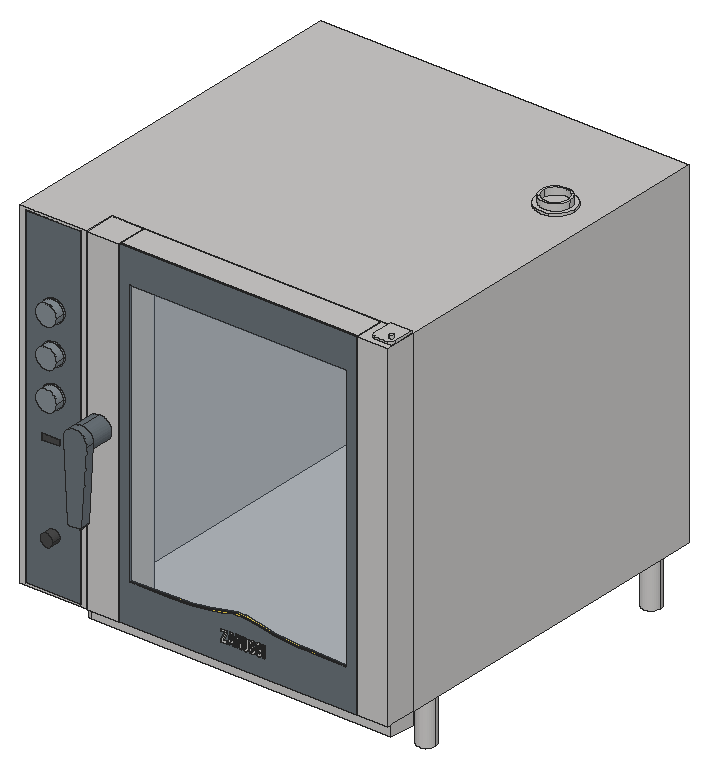
Revit family "QF_ZANUSSI_240453_ZFCE11SSDS", category Specialty Equipment, Revit 2023 (continued)
Definition of nested family "ZAN_DOOR_CROSSWISE_H820"
  Automatic sketch dimensions
    plane 9 to Extrusion 14 sketch curve = 57.166 mm
    plane 16 to Extrusion 14 sketch curve = 93.896 mm
    Extrusion 14 sketch curve to Extrusion 14 sketch curve = 0.343 mm
    Extrusion 14 sketch curve to Extrusion 14 sketch curve = 0.346 mm
    Extrusion 14 sketch curve to Extrusion 14 sketch curve = 1.209 mm
    Extrusion 14 sketch curve to Extrusion 14 sketch curve = 5.816 mm  (x2)
    Extrusion 14 sketch curve to Extrusion 14 sketch curve = 5.779 mm
    Extrusion 14 sketch curve to Extrusion 14 sketch curve = 5.783 mm
    Extrusion 15 sketch curve to Extrusion 15 sketch curve = 0 mm  (x13)
    Extrusion 15 sketch curve to plane 9 = 0 mm
    plane 13 to Extrusion 15 sketch curve = 0 mm
    Extrusion 15 sketch curve to plane 4 "Top" = 59.547 mm  (x2)
    plane 8 to Extrusion 15 sketch curve = 0.808 mm  (x2)
    plane 17 to Extrusion 15 sketch curve = 113.011 mm  (x2)
    Extrusion 15 sketch curve to Extrusion 15 sketch curve = 0.173 mm  (x2)
    Extrusion 15 sketch curve to Extrusion 15 sketch curve = 19.857 mm  (x2)
    Extrusion 15 sketch curve to Extrusion 15 sketch curve = 19.97 mm  (x2)
    plane 16 to Extrusion 15 sketch curve = 75.313 mm  (x2)
    Extrusion 15 sketch curve to Extrusion 15 sketch curve = 0.426 mm  (x2)
    Extrusion 15 sketch curve to Extrusion 15 sketch curve = 2.497 mm  (x2)
    Extrusion 15 sketch curve to Extrusion 15 sketch curve = 2.422 mm  (x2)
    plane 16 to Extrusion 15 sketch curve = 72.277 mm  (x2)
    plane 5 "Feet" to Extrusion 15 sketch curve = 14.106 mm
    Extrusion 15 sketch curve to Extrusion 15 sketch curve = 14.485 mm
    Extrusion 15 sketch curve to Extrusion 15 sketch curve = 15.571 mm
    Extrusion 15 sketch curve to level = 90.354 mm
    plane 13 to Extrusion 15 sketch curve = 172.943 mm
    Extrusion 15 sketch curve to Extrusion 15 sketch curve = 250.632 mm
    plane 13 to Extrusion 15 sketch curve = 38.728 mm
    plane 13 to Extrusion 15 sketch curve = 66.611 mm
    Extrusion 15 sketch curve to Extrusion 15 sketch curve = 79.596 mm
    Extrusion 15 sketch curve to Extrusion 15 sketch curve = 14.39 mm
    Extrusion 15 sketch curve to Extrusion 15 sketch curve = 0.048 mm  (x2)
    plane 13 to Extrusion 15 sketch curve = 105.804 mm
    Extrusion 15 sketch curve to Extrusion 15 sketch curve = 1.078 mm  (x2)
    Extrusion 15 sketch curve to Extrusion 15 sketch curve = 1.817 mm
    Extrusion 15 sketch curve to Extrusion 15 sketch curve = 0.955 mm  (x2)
    Extrusion 15 sketch curve to Extrusion 15 sketch curve = 20.088 mm
    Extrusion 15 sketch curve to Extrusion 15 sketch curve = 0.061 mm  (x2)
    plane 13 to Extrusion 15 sketch curve = 221.698 mm
    Extrusion 15 sketch curve to Extrusion 15 sketch curve = 28.998 mm
    Extrusion 15 sketch curve to Extrusion 15 sketch curve = 2.06 mm
    Extrusion 15 sketch curve to Extrusion 15 sketch curve = 0.191 mm
    Extrusion 15 sketch curve to Extrusion 15 sketch curve = 0.669 mm
    Extrusion 15 sketch curve to Extrusion 15 sketch curve = 1.051 mm
    Extrusion 15 sketch curve to Extrusion 15 sketch curve = 5.17 mm
    Extrusion 15 sketch curve to Extrusion 15 sketch curve = 63.165 mm
    Extrusion 15 sketch curve to Extrusion 15 sketch curve = 160.676 mm
    plane 9 to Extrusion 15 sketch curve = 132.574 mm
    plane 9 to Extrusion 15 sketch curve = 126.275 mm
    Extrusion 15 sketch curve to Extrusion 15 sketch curve = 0.216 mm
    Extrusion 15 sketch curve to Extrusion 15 sketch curve = 20.101 mm
    Extrusion 15 sketch curve to Extrusion 15 sketch curve = 14.439 mm
    plane 9 to Extrusion 15 sketch curve = 85.049 mm
    plane 9 to Extrusion 15 sketch curve = 57.166 mm
    plane 16 to Extrusion 15 sketch curve = 93.896 mm
    Extrusion 15 sketch curve to Extrusion 15 sketch curve = 0.343 mm
    Extrusion 15 sketch curve to Extrusion 15 sketch curve = 0.346 mm
    Extrusion 15 sketch curve to Extrusion 15 sketch curve = 1.209 mm
    Extrusion 15 sketch curve to Extrusion 15 sketch curve = 2.747 mm
    Extrusion 15 sketch curve to Extrusion 15 sketch curve = 2.745 mm  (x2)
    Extrusion 15 sketch curve to Extrusion 15 sketch curve = 2.666 mm
    Extrusion 15 sketch curve to Extrusion 15 sketch curve = 2.667 mm
    Extrusion 15 sketch curve to Extrusion 15 sketch curve = 5.816 mm  (x2)
    Extrusion 15 sketch curve to Extrusion 15 sketch curve = 2.231 mm
    Extrusion 15 sketch curve to Extrusion 15 sketch curve = 5.779 mm
    Extrusion 15 sketch curve to Extrusion 15 sketch curve = 5.783 mm
    Extrusion 15 sketch curve to Extrusion 15 sketch curve = 2.602 mm
    Extrusion 15 sketch curve to Extrusion 15 sketch curve = 2.603 mm
    Extrusion 2 sketch curve to plane 4 "Top" = 0 mm
    Extrusion 2 sketch curve to plane 8 = 0 mm
    Extrusion 2 sketch curve to plane 9 = 0 mm
    Extrusion 2 sketch curve to plane 5 "Feet" = 0 mm
    plane 8 to Extrusion 2 sketch curve = 0.808 mm  (x2)
    plane 17 to Extrusion 2 sketch curve = 113.011 mm  (x2)
    Extrusion 2 sketch curve to Extrusion 2 sketch curve = 40 mm  (x2)
    plane 16 to Extrusion 2 sketch curve = 72.816 mm
    Extrusion 2 sketch curve to Extrusion 2 sketch curve = 0.351 mm  (x2)
    plane 16 to Extrusion 2 sketch curve = 72.277 mm
    Extrusion 2 sketch curve to Extrusion 2 sketch curve = 0.187 mm  (x2)
    plane 5 "Feet" to Extrusion 2 sketch curve = 51.274 mm
    Extrusion 2 sketch curve to Extrusion 2 sketch curve = 0 mm  (x5)
    Extrusion 2 sketch curve to Extrusion 2 sketch curve = 15.473 mm
    plane 9 to Extrusion 2 sketch curve = 191.381 mm
    Extrusion 2 sketch curve to level = 340.986 mm
    plane 15 to Extrusion 2 sketch curve = 0 mm
    plane 13 to Extrusion 2 sketch curve = 66.611 mm
    plane 13 to Extrusion 2 sketch curve = 79.596 mm
    Extrusion 2 sketch curve to Extrusion 2 sketch curve = 14.439 mm  (x2)
    plane 13 to Extrusion 2 sketch curve = 107.621 mm
    Extrusion 2 sketch curve to Extrusion 2 sketch curve = 0.216 mm  (x2)
    Extrusion 2 sketch curve to Extrusion 2 sketch curve = 20.101 mm  (x2)
    Extrusion 2 sketch curve to Extrusion 2 sketch curve = 160.676 mm
    Extrusion 2 sketch curve to Extrusion 2 sketch curve = 137.516 mm
    Extrusion 2 sketch curve to Extrusion 2 sketch curve = 1.285 mm
    Extrusion 2 sketch curve to Extrusion 2 sketch curve = 0.691 mm
    Extrusion 2 sketch curve to Extrusion 2 sketch curve = 3.257 mm
    plane 9 to Extrusion 2 sketch curve = 132.574 mm
    plane 9 to Extrusion 2 sketch curve = 126.275 mm
    plane 9 to Extrusion 2 sketch curve = 85.049 mm
    Extrusion 2 sketch curve to plane 14 = 0 mm
    plane 16 to Extrusion 2 sketch curve = 90.843 mm
    Extrusion 2 sketch curve to Extrusion 2 sketch curve = 0.408 mm
    Extrusion 2 sketch curve to Extrusion 2 sketch curve = 0.411 mm
    Extrusion 2 sketch curve to Extrusion 2 sketch curve = 0.755 mm
    Extrusion 2 sketch curve to Extrusion 2 sketch curve = 0.758 mm
    Extrusion 2 sketch curve to Extrusion 2 sketch curve = 5.38 mm
    Extrusion 2 sketch curve to Extrusion 2 sketch curve = 6.15 mm
    Extrusion 2 sketch curve to Extrusion 2 sketch curve = 6.154 mm
    plane 13 to Extrusion 2 sketch curve = 0 mm
    plane 17 to Extrusion 14 sketch curve = 112.838 mm  (x2)
    Extrusion 14 sketch curve to level = 90.354 mm
    Extrusion 14 sketch curve to plane 3 "Center (Left/Right)" = 205.804 mm
    Extrusion 14 sketch curve to plane 3 "Center (Left/Right)" = 321.698 mm
    Extrusion 14 sketch curve to Extrusion 14 sketch curve = 138.871 mm
    Extrusion 14 sketch curve to Extrusion 14 sketch curve = 63.165 mm
    Extrusion 8 sketch curve to plane 17 = 0 mm
    Extrusion 8 sketch curve to plane 18 = 0 mm
    plane 18 to Extrusion 8 sketch curve = 11.817 mm
    Extrusion 8 sketch curve to Extrusion 8 sketch curve = 4.988 mm
    Extrusion 8 sketch curve to plane 17 = 1.756 mm
    Extrusion 8 sketch curve to plane 12 = 19.055 mm
    Extrusion 8 sketch curve to plane 18 = 11.817 mm
    Extrusion 8 sketch curve to Extrusion 8 sketch curve = 4.99 mm
    Extrusion 8 sketch curve to Extrusion 8 sketch curve = 176.899 mm
    Extrusion 8 sketch curve to Extrusion 8 sketch curve = 0 mm
    Extrusion 8 sketch curve to Extrusion 8 sketch curve = 0.313 mm
    Extrusion 8 sketch curve to plane 11 = 0.013 mm
    plane 1 "Center (Front/Back)" to curve 5 = 0 mm
    curve 8 to plane 3 "Center (Left/Right)" = 0 mm
    curve 14 to plane 3 "Center (Left/Right)" = 2.67 mm
    curve 12 to plane 3 "Center (Left/Right)" = 12.67 mm
    curve 16 to curve 13 = 4.431 mm
    curve 15 to curve 11 = 10 mm
    curve 4 to plane 12 = 11.987 mm
    curve 3 to plane 11 = 0.013 mm
    curve 6 to plane 11 = 0.004 mm
    curve 3 to curve 2 = 74.533 mm
    curve 13 to curve 16 = 8.081 mm
    curve 10 to plane 10 = 0 mm
    plane 9 to curve 9 = 0 mm
    curve 3 to curve 1 = 20 mm
    Extrusion 13 sketch curve to plane 6 "Front" = 0 mm
    Extrusion 13 sketch curve to plane 3 "Center (Left/Right)" = 0 mm
    Extrusion 13 sketch curve to plane 3 "Center (Left/Right)" = 17.33 mm
    plane 6 "Front" to Extrusion 13 sketch curve = 22.83 mm
    plane 11 to Extrusion 13 sketch curve = 0.004 mm
    curve 15 to plane 10 = 22.33 mm
    curve 3 to plane 6 "Front" = 75 mm
    plane 6 "Front" to curve 12 = 15 mm
    curve 18 to plane 6 "Front" = 0 mm
    curve 18 to plane 3 "Center (Left/Right)" = 0 mm
    curve 18 to curve 13 = 4.66 mm
    curve 18 to curve 13 = 2.17 mm
    curve 17 to curve 7 = 672.575 mm
    plane 11 to curve 18 = 0.004 mm
    radius of Extrusion 9 sketch curve = 28 mm
    radius of Extrusion 11 sketch curve = 5 mm
    radius of curve 16 = 5 mm
